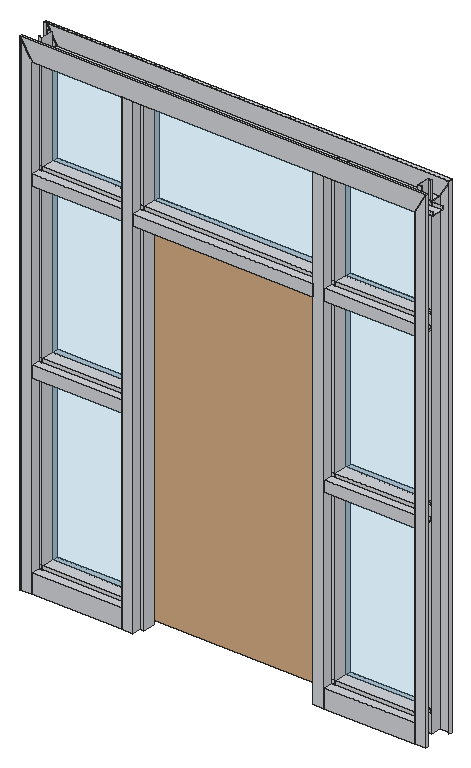
Revit family "Transom SideLight Ext-F-WDMF-36 x 84-4 Head", category Doors, host Wall, Revit 2014
Parameters (values of type "Ext-Transom F-WDMF-36" x 84"-18"LSLT-4" Head")
  Width = Door Panel Width  # 3' - 0"
  Wall Thickness [instance] = 0' - 5 3/4"
  URL = ""
  Type Comments = "EXT,"
  Thickness = 0' - 1 3/4"
  Swing Angle [instance] = 90.00°
  Sidelite Width = P1 Width - 0' 2"  # 1' - 4"
  SDI RO Spacing = 0' - 0"
  SDI Panel 1 Width = Leaf Width + 0' 0 3/16"  # 2' - 8"
  SDI No Panels = ""
  SDI Left Sidelite Width = Sidelite Width  # 1' - 4"
  SDI HW Set [instance] = ""
  SDI HW Item LO-2 [instance] = ""
  SDI HW Item LO-1 [instance] = ""
  SDI HW Item KP-2 [instance] = ""
  SDI HW Item KP-1 [instance] = ""
  SDI HW Item HI-2 [instance] = ""
  SDI HW Item HI-1 [instance] = ""
  SDI HW Item HC-2 [instance] = ""
  SDI HW Item HC-1 [instance] = ""
  SDI HW Item ED-2 [instance] = ""
  SDI HW Item ED-1 [instance] = ""
  SDI HW Item DO-2 [instance] = ""
  SDI HW Item DO-1 [instance] = ""
  SDI HW Item CL-2 [instance] = ""
  SDI HW Item CL-1 [instance] = ""
  SDI Glass Material = Glass
  SDI Frame Type = "Panel Left Sidelite"
  SDI Frame Sill Width = 0' - 6"
  SDI Frame Material Type = "Hollow Metal"
  SDI Frame Material = Paint - Generic - Prime
  SDI Frame Manufacturer = ""
  SDI Frame Jamb Width = 0' - 2"
  SDI Frame Head Width = 0' - 4"
  SDI Frame Finish Type = "Painted"
  SDI Frame Finish Color = "Prime"
  SDI Frame Depth [instance] = 0' - 5 3/4"
  SDI Family Version = "1.0"
  SDI Door Panel Type = "F"
  SDI Door Material Type = "Hollow Metal"
  SDI Door Material = Stain - SRO - Red Oak 100 Clear
  SDI Door Manufacturer = ""
  SDI Door Finish Type = "Painted"
  SDI Door Finish Color = "Prime"
  SDI Door Configuration = "SG"
  SDI Arch Frame Type [instance] = ""
  SDI Arch Frame Material Type [instance] = "HM"
  SDI Arch Door Panel Type [instance] = "F"
  SDI Arch Door Material Type [instance] = "HM"
  SDI Adjacent Wall Placement = 0' - 4"
  Rough Width = Frame Width - 0' 0" + 2 * SDI RO Spacing  # 4' - 6"
  Rough Height = Frame Height - 0' 0" + SDI RO Spacing  # 7' - 4"
  R1 Height = 7' - 2"
  P2 Width = 2' - 10"
  P1 Width = 1' - 6"
  Model = "Ext-Transom F-WDMF-36\" x 84\"-18\"LSLT-4\" Head"
  Manufacturer = ""
  Leaf Width = P2 Width - 0' 2 3/16"  # 2' - 7 13/16"
  Height = Door Panel Height  # 7' - 0"
  Glass Offset [instance] = 0' 2 1/16" + (SDI Frame Depth - 0' 5 3/4") / 2  # 0' - 2 1/16"
  Function = Exterior
  Frame Width = P1 Width + P2 Width + 0' 2"  # 4' - 6"
  Frame Offset [instance] = if(Aligned Exterior, SDI Frame Depth / 2, if(Aligned Center, Wall Thickness / 2, if(Aligned Interior, Wall Thickness - SDI Frame Depth + SDI Frame Depth / 2, Aligned Other)))  # 0' - 2 7/8"
  Frame Height = R1 Height + 0' 2"  # 7' - 4"
  Fire Rating = ""
  Exterior Glazing [instance] = no
  Door Panel Width = P2 Width + 0' 2"  # 3' - 0"
  Door Panel Height = R1 Height + 0' 2" - (0' 4")  # 7' - 0"
  Door Offset [instance] = 0' 2 13/16" + (SDI Frame Depth - 0' 5 3/4") / 2  # 0' - 2 13/16"
  Description = "Transom SideLight Hollow Wood Door with Hollow Metal Frame"
  Cost = 0
  Assembly Code = "B2030220"
  Analytic Construction = "<None>"
  Aligned Other [instance] = 0' - 0"
  Aligned Interior [instance] = no
  Aligned Exterior [instance] = yes
  Aligned Center [instance] = no
  ADA Clearance Lines = no
Reference planes (in)
  plane 1: y = 0
  plane 2 "Center (Left/Right)": x = 0
  plane 3 "Wall Edge": y = 2.875
  plane 4 "Wall Interior": y = -2.875
  plane 5 "ModelRefLevel": z = 0
  plane 6 "FrameDepthPlane": y = 0
  plane 7 "FrameFront": y = 2.875
  plane 8 "FrameBack": y = -2.875
  plane 9 "V0": x = 26
  plane 10 "V1": x = 8
  plane 11 "V2": x = -26
  plane 12 "H0": z = 1
  plane 13 "H1": z = 87
  plane 14 "InTermLeftJamb0": x = 25
  plane 15 "OutTermLeftJamb0": x = 27
  plane 16 "OutsideJamb1": x = 7
  plane 17 "InsideJamb1": x = 9
  plane 18 "InTermRightJamb2": x = -25
  plane 19 "OutTermRightJamb2": x = -27
  plane 20 "D0.151041666666667": y = 1.0625
  plane 21 "D0.109375": y = 1.5625
  plane 22 "DoorLeft": x = 7
  plane 23 "DoorRight": x = -25
  plane 24 "DoorCenter": x = -7
  plane 25 "DoorTop": z = 83.875
  plane 26 "DoorCenterTB": z = 41.9375
  plane 27 "DoorExtFace": y = 2.8125
  plane 28 "DoorGlassFace": y = 2.0625
  plane 29 "LockCenterLine": z = 41.3125
  plane 30 "ActDoorRight": x = -24.90625
  plane 31 "SwingClrPlane": y = 62.875
  plane 32 "SwingPartialPlane": y = 50.875
  plane 33 "LeftAdjWall": x = 31
  plane 34: z = 44
  plane 35: z = 65.875
  plane 36: z = 35.40625
  plane 37: z = 4.9375
  plane 38: x = -44
  plane 39: x = -45
  plane 40: x = -43
  plane 41: x = -49
  plane 42: z = 65.875
  plane 43: z = 35.40625
  plane 44: z = 4.9375
  plane 45: z = 65.875
  plane 46: z = 4.9375
  plane 47: z = 84.625
  plane 48: z = 2.625
  plane 49: z = 4
  plane 50: z = 84
Forms (in)
  Extrusion 1, solid
    sketch origin (145.6875, 0, 44) x (-1, 0, 0) y (0, -1, 0)
      loop
        line (118.6875, -2.375) -> (118.6875, -2.875) -> (120.6875, -2.875) -> (120.6875, -0.9375) -> (121.3125, -0.9375) -> (121.3125, 1.3125) -> (120.6875, 1.3125) -> (120.6875, 2.875) -> (118.6875, 2.875) -> (118.6875, 2.4375) -> (118.75, 2.4375) -> (118.75, 2.8125) -> (120.625, 2.8125) -> (120.625, 1.25) -> (121.25, 1.25) -> (121.25, -0.875) -> (120.625, -0.875) -> (120.625, -2.8125) -> (118.75, -2.8125) -> (118.75, -2.375) -> (118.6875, -2.375)
      loop
        line (190.68751, -2.375) -> (190.62501, -2.375) -> (190.62501, -2.8125) -> (188.75001, -2.8125) -> (188.75001, -0.875) -> (188.12501, -0.875) -> (188.12501, 1.25) -> (188.75001, 1.25) -> (188.75001, 2.8125) -> (190.62501, 2.8125) -> (190.62501, 2.4375) -> (190.68751, 2.4375) -> (190.68751, 2.875) -> (188.68751, 2.875) -> (188.68751, 1.3125) -> (188.06251, 1.3125) -> (188.06251, -0.9375) -> (188.68751, -0.9375) -> (188.68751, -2.875) -> (190.68751, -2.875) -> (190.68751, -2.375)
    from -44 to 44
  Extrusion 2, void
    sketch origin (1.625, 2.875, 3.25) x (1, 0, 0) y (0, 0, 1)
      loop
        line (27.32453, 88) -> (23.375, 88) -> (23.375, 81.375) -> (27.32453, 88)
      loop
        line (-48.55092, 88) -> (-44.625, 81.37501) -> (-44.625, 88) -> (-48.55092, 88)
    from -12 to 12
  Extrusion 3, solid
    sketch origin (132, 0, 42) x (-1, 0, 0) y (0, -1, 0)
      loop
        line (123, -2.875) -> (125, -2.875) -> (125, -0.9375) -> (125.625, -0.9375) -> (125.625, 1.3125) -> (125, 1.3125) -> (125, 2.875) -> (123, 2.875) -> (123, 1.3125) -> (122.375, 1.3125) -> (122.375, -0.9375) -> (123, -0.9375) -> (123, -2.875)
      loop
        line (123.0625, -2.8125) -> (124.9375, -2.8125) -> (124.9375, -0.875) -> (125.5625, -0.875) -> (125.5625, 1.25) -> (124.9375, 1.25) -> (124.9375, 2.8125) -> (123.0625, 2.8125) -> (123.0625, 1.25) -> (122.4375, 1.25) -> (122.4375, -0.875) -> (123.0625, -0.875) -> (123.0625, -2.8125)
    from -42 to 42.625
  Extrusion 4, solid
    sketch origin (94.3125, 0, 44) x (-1, 0, 0) y (0, -1, 0)
      loop
        line (121.24999, -2.8125) -> (121.24999, -0.875) -> (121.87499, -0.875) -> (121.87499, 1.25) -> (121.24999, 1.25) -> (121.24999, 2.8125) -> (119.375, 2.8125) -> (119.375, 1.25) -> (118.75, 1.25) -> (118.75, -0.875) -> (119.375, -0.875) -> (119.375, -2.8125) -> (121.24999, -2.8125)
      loop
        line (121.31249, 2.875) -> (119.3125, 2.875) -> (119.3125, 1.3125) -> (118.6875, 1.3125) -> (118.6875, -0.9375) -> (119.3125, -0.9375) -> (119.3125, -2.875) -> (121.31249, -2.875) -> (121.31249, -0.9375) -> (121.93749, -0.9375) -> (121.93749, 1.3125) -> (121.31249, 1.3125) -> (121.31249, 2.875)
    from -44 to 40.62501
  Extrusion 5, void
    sketch origin (1.3125, 2.875, 2.625) x (1, 0, 0) y (0, 0, 1)
      loop
        line (27, 87.55643) -> (23.6875, 82) -> (27, 82) -> (27, 87.55643)
      loop
        line (-47.625, 87.58985) -> (-47.625, 82) -> (-44.3125, 82) -> (-47.625, 87.58985)
    from -12 to 12
  Extrusion 6, solid, material "Glass" <- "SDI Glass Material"
    sketch origin (-60, 1.0625, -12) x (1, 0, 0) y (0, 0, 1)
      loop
        line (85, 15.375) -> (85, 46.40625) -> (69, 46.40625) -> (69, 15.375) -> (85, 15.375)
      loop
        line (69, 96.625) -> (69, 78.875) -> (85, 78.875) -> (85, 96.625) -> (69, 96.625)
      loop
        line (85, 76.875) -> (69, 76.875) -> (69, 48.40625) -> (85, 48.40625) -> (85, 76.875)
    from -0.125 to 0.125
  Extrusion 7, solid, material "Glass" <- "SDI Glass Material", visible <- "Exterior Glazing"
    sketch origin (-60, 1.5625, -12) x (1, 0, 0) y (0, 0, 1)
      loop
        line (85, 15.375) -> (85, 45.84375) -> (69, 45.84375) -> (69, 15.375) -> (85, 15.375)
      loop
        line (69, 96.625) -> (69, 78.875) -> (85, 78.875) -> (85, 96.625) -> (69, 96.625)
      loop
        line (85, 76.9375) -> (69, 76.9375) -> (69, 48.40625) -> (85, 48.40625) -> (85, 76.9375)
    from -0.125 to 0.125
  Extrusion 8, solid, material "Stain - SRO - Red Oak 100 Clear" <- "SDI Door Material"
    sketch origin (-60, 2.8125, -12) x (1, 0, 0) y (0, 0, 1)
      loop
        line (35.09375, 12.625) -> (66.90625, 12.625) -> (66.90625, 76.875) -> (35.09375, 76.875) -> (35.09375, 12.625)
    from 0 to 1.75
  Sweep 9, solid
    path origin (0, 2.875, 0) x (1, 0, 0) y (0, 0, 1)
      loop
        line (25, 44) -> (9, 44)
    profile origin (17, 2.875, 44) x (0, 0, -1) y (0, -1, 0)
      loop
        line (-20.3125, 4.125) -> (-20.9375, 4.125) -> (-20.9375, 5.6875) -> (-22.8125, 5.6875) -> (-22.8125, 4.125) -> (-23.4375, 4.125) -> (-23.4375, 2) -> (-22.8125, 2) -> (-22.8125, 0.0625) -> (-20.9375, 0.0625) -> (-20.9375, 2) -> (-20.3125, 2) -> (-20.3125, 4.125)
      loop
        line (-22.875, 0) -> (-20.875, 0) -> (-20.875, 1.9375) -> (-20.25, 1.9375) -> (-20.25, 4.1875) -> (-20.875, 4.1875) -> (-20.875, 5.75) -> (-22.875, 5.75) -> (-22.875, 4.1875) -> (-23.5, 4.1875) -> (-23.5, 1.9375) -> (-22.875, 1.9375) -> (-22.875, 0)
      loop
        line (10.15625, 4.125) -> (9.53125, 4.125) -> (9.53125, 5.6875) -> (7.65625, 5.6875) -> (7.65625, 4.125) -> (7.03125, 4.125) -> (7.03125, 2) -> (7.65625, 2) -> (7.65625, 0.0625) -> (9.53125, 0.0625) -> (9.53125, 2) -> (10.15625, 2) -> (10.15625, 4.125)
      loop
        line (7.59375, 0) -> (9.59375, 0) -> (9.59375, 1.9375) -> (10.21875, 1.9375) -> (10.21875, 4.1875) -> (9.59375, 4.1875) -> (9.59375, 5.75) -> (7.59375, 5.75) -> (7.59375, 4.1875) -> (6.96875, 4.1875) -> (6.96875, 1.9375) -> (7.59375, 1.9375) -> (7.59375, 0)
  Extrusion 10, solid
    sketch origin (-33.25, 0, 3.3125) x (0, 1, 0) y (0, 0, 1)
      loop
        line (2.375, -3.3125) -> (2.875, -3.3125) -> (2.875, 0.0625) -> (0.9375, 0.0625) -> (0.9375, 0.6875) -> (-1.3125, 0.6875) -> (-1.3125, 0.0625) -> (-2.875, 0.0625) -> (-2.875, -3.3125) -> (-2.4375, -3.3125) -> (-2.4375, -3.25) -> (-2.8125, -3.25) -> (-2.8125, 0) -> (-1.25, 0) -> (-1.25, 0.625) -> (0.875, 0.625) -> (0.875, 0) -> (2.8125, 0) -> (2.8125, -3.25) -> (2.375, -3.25) -> (2.375, -3.3125)
    from -9.75 to 6.25
  Sweep 11, solid
    path origin (-14, 2.875, 0) x (-1, 0, 0) y (0, 0, 1)
      loop
        line (29, 44) -> (13, 44)
    profile origin (-35, 2.875, 44) x (0, 0, 1) y (0, -1, 0)
      loop
        line (20.3125, 4.125) -> (20.3125, 2) -> (20.9375, 2) -> (20.9375, 0.0625) -> (22.8125, 0.0625) -> (22.8125, 2) -> (23.4375, 2) -> (23.4375, 4.125) -> (22.8125, 4.125) -> (22.8125, 5.6875) -> (20.9375, 5.6875) -> (20.9375, 4.125) -> (20.3125, 4.125)
      loop
        line (22.875, 0) -> (22.875, 1.9375) -> (23.5, 1.9375) -> (23.5, 4.1875) -> (22.875, 4.1875) -> (22.875, 5.75) -> (20.875, 5.75) -> (20.875, 4.1875) -> (20.25, 4.1875) -> (20.25, 1.9375) -> (20.875, 1.9375) -> (20.875, 0) -> (22.875, 0)
      loop
        line (-10.15625, 4.125) -> (-10.15625, 2) -> (-9.53125, 2) -> (-9.53125, 0.0625) -> (-7.65625, 0.0625) -> (-7.65625, 2) -> (-7.03125, 2) -> (-7.03125, 4.125) -> (-7.65625, 4.125) -> (-7.65625, 5.6875) -> (-9.53125, 5.6875) -> (-9.53125, 4.125) -> (-10.15625, 4.125)
      loop
        line (-7.59375, 0) -> (-7.59375, 1.9375) -> (-6.96875, 1.9375) -> (-6.96875, 4.1875) -> (-7.59375, 4.1875) -> (-7.59375, 5.75) -> (-9.59375, 5.75) -> (-9.59375, 4.1875) -> (-10.21875, 4.1875) -> (-10.21875, 1.9375) -> (-9.59375, 1.9375) -> (-9.59375, 0) -> (-7.59375, 0)
  Extrusion 12, solid, material "Glass" <- "SDI Glass Material"
    sketch origin (46, 1.0625, -12) x (-1, 0, 0) y (0, 0, -1)
      loop
        line (89, -15.375) -> (73, -15.375) -> (73, -46.46875) -> (89, -46.46875) -> (89, -15.375)
      loop
        line (73, -96.625) -> (89, -96.625) -> (89, -78.875) -> (73, -78.875) -> (73, -96.625)
      loop
        line (89, -76.875) -> (89, -48.40625) -> (73, -48.40625) -> (73, -76.875) -> (89, -76.875)
    from -0.125 to 0.125
  Extrusion 13, solid, material "Glass" <- "SDI Glass Material", visible <- "Exterior Glazing"
    sketch origin (46, 1.5625, -12) x (-1, 0, 0) y (0, 0, -1)
      loop
        line (89, -15.375) -> (73, -15.375) -> (73, -46.40625) -> (89, -46.40625) -> (89, -15.375)
      loop
        line (73, -96.625) -> (89, -96.625) -> (89, -78.875) -> (73, -78.875) -> (73, -96.625)
      loop
        line (89, -76.9375) -> (89, -48.40625) -> (73, -48.40625) -> (73, -76.9375) -> (89, -76.9375)
    from -0.125 to 0.125
  Sweep 14, solid
    path origin (-28, 2.875, 0) x (1, 0, 0) y (0, 0, 1)
      loop
        line (35, 44) -> (3.09375, 44)
    profile origin (-8.95313, 2.875, 44) x (0, 0, -1) y (0, -1, 0)
      loop
        line (-20.3125, 4.125) -> (-20.9375, 4.125) -> (-20.9375, 5.6875) -> (-22.8125, 5.6875) -> (-22.8125, 4.125) -> (-23.4375, 4.125) -> (-23.4375, 2) -> (-22.8125, 2) -> (-22.8125, 0.0625) -> (-20.9375, 0.0625) -> (-20.9375, 2) -> (-20.3125, 2) -> (-20.3125, 4.125)
      loop
        line (-22.875, 0) -> (-20.875, 0) -> (-20.875, 1.9375) -> (-20.25, 1.9375) -> (-20.25, 4.1875) -> (-20.875, 4.1875) -> (-20.875, 5.75) -> (-22.875, 5.75) -> (-22.875, 4.1875) -> (-23.5, 4.1875) -> (-23.5, 1.9375) -> (-22.875, 1.9375) -> (-22.875, 0)
  Extrusion 15, solid, material "Glass" <- "SDI Glass Material"
    sketch origin (-86, 1.0625, -12) x (1, 0, 0) y (0, 0, 1)
      loop
        line (61.09375, 96.625) -> (61.09375, 78.875) -> (93, 78.875) -> (93, 96.625) -> (61.09375, 96.625)
    from -0.125 to 0.125
  Extrusion 16, solid, material "Glass" <- "SDI Glass Material", visible <- "Exterior Glazing"
    sketch origin (-86, 1.5625, -12) x (1, 0, 0) y (0, 0, 1)
      loop
        line (61.09375, 96.625) -> (61.09375, 78.875) -> (93, 78.875) -> (93, 96.625) -> (61.09375, 96.625)
    from -0.125 to 0.125
  Extrusion 17, solid
    sketch origin (-33.5, 0, 85.6875) x (0, 1, 0) y (0, 0, -1)
      loop
        line (2.375, -2.25) -> (2.375, -2.3125) -> (2.875, -2.3125) -> (2.875, 1.0625) -> (0.9375, 1.0625) -> (0.9375, 1.6875) -> (-1.3125, 1.6875) -> (-1.3125, 1.0625) -> (-2.875, 1.0625) -> (-2.875, -2.3125) -> (-2.4375, -2.3125) -> (-2.4375, -2.25) -> (-2.8125, -2.25) -> (-2.8125, 1) -> (-1.25, 1) -> (-1.25, 1.625) -> (0.875, 1.625) -> (0.875, 1) -> (2.8125, 1) -> (2.8125, -2.25) -> (2.375, -2.25)
    from -60.5 to 11.5
  Extrusion 18, solid
    sketch origin (19, 0, 3.3125) x (0, 1, 0) y (0, 0, 1)
      loop
        line (2.375, -3.3125) -> (2.875, -3.3125) -> (2.875, 0.0625) -> (0.9375, 0.0625) -> (0.9375, 0.6875) -> (-1.3125, 0.6875) -> (-1.3125, 0.0625) -> (-2.875, 0.0625) -> (-2.875, -3.3125) -> (-2.4375, -3.3125) -> (-2.4375, -3.25) -> (-2.8125, -3.25) -> (-2.8125, 0) -> (-1.25, 0) -> (-1.25, 0.625) -> (0.875, 0.625) -> (0.875, 0) -> (2.8125, 0) -> (2.8125, -3.25) -> (2.375, -3.25) -> (2.375, -3.3125)
    from -10 to 6
Cuts and joins
  Extrusion 2 cuts Extrusion 1
  Extrusion 5 cuts Extrusion 17
Lines and regions (in)
  Opening 1
    outline origin (-60, -2.875, 0) x (1, 0, 0) y (0, 0, 1)
      loop
        line (86.9375, 87.875) -> (15, 87.875) -> (15, 0) -> (86.9375, 0) -> (86.9375, 87.875)
  symbolic lines, style "DoorsFrameMullionProjection", detail levels fine
    curve 1: line (27, 2.375, 0) -> (27, 2.875, 0)
    curve 2: line (27, 2.875, 0) -> (25, 2.875, 0)
    curve 3: line (25, 2.875, 0) -> (25, 0.9375, 0)
    curve 4: line (25, 0.9375, 0) -> (24.375, 0.9375, 0)
    curve 5: line (24.375, 0.9375, 0) -> (24.375, -1.3125, 0)
    curve 6: line (24.375, -1.3125, 0) -> (25, -1.3125, 0)
    curve 7: line (25, -1.3125, 0) -> (25, -2.875, 0)
    curve 8: line (25, -2.875, 0) -> (27, -2.875, 0)
    curve 9: line (27, -2.875, 0) -> (27, -2.4375, 0)
    curve 10: line (27, -2.4375, 0) -> (26.9375, -2.4375, 0)
    curve 11: line (26.9375, -2.4375, 0) -> (26.9375, -2.8125, 0)
    curve 12: line (26.9375, -2.8125, 0) -> (25.0625, -2.8125, 0)
    curve 13: line (25.0625, -2.8125, 0) -> (25.0625, -1.25, 0)
    curve 14: line (25.0625, -1.25, 0) -> (24.4375, -1.25, 0)
    curve 15: line (24.4375, -1.25, 0) -> (24.4375, 0.875, 0)
    curve 16: line (24.4375, 0.875, 0) -> (25.0625, 0.875, 0)
    curve 17: line (25.0625, 0.875, 0) -> (25.0625, 2.8125, 0)
    curve 18: line (25.0625, 2.8125, 0) -> (26.9375, 2.8125, 0)
    curve 19: line (26.9375, 2.8125, 0) -> (26.9375, 2.375, 0)
    curve 20: line (26.9375, 2.375, 0) -> (27, 2.375, 0)
    curve 25: line (9, 2.875, 0) -> (7, 2.875, 0)
    curve 26: line (7, 2.875, 0) -> (7, 0.9375, 0)
    curve 27: line (7, 0.9375, 0) -> (6.375, 0.9375, 0)
    curve 28: line (6.375, 0.9375, 0) -> (6.375, -1.3125, 0)
    curve 29: line (6.375, -1.3125, 0) -> (7, -1.3125, 0)
    curve 30: line (7, -1.3125, 0) -> (7, -2.875, 0)
    curve 31: line (7, -2.875, 0) -> (9, -2.875, 0)
    curve 32: line (9, -2.875, 0) -> (9, -1.3125, 0)
    curve 33: line (9, -1.3125, 0) -> (9.625, -1.3125, 0)
    curve 34: line (9.625, -1.3125, 0) -> (9.625, 0.9375, 0)
    curve 35: line (9.625, 0.9375, 0) -> (9, 0.9375, 0)
    curve 36: line (9, 0.9375, 0) -> (9, 2.875, 0)
    curve 37: line (8.9375, 2.8125, 0) -> (7.0625, 2.8125, 0)
    curve 38: line (7.0625, 2.8125, 0) -> (7.0625, 0.875, 0)
    curve 39: line (7.0625, 0.875, 0) -> (6.4375, 0.875, 0)
    curve 40: line (6.4375, 0.875, 0) -> (6.4375, -1.25, 0)
    curve 41: line (6.4375, -1.25, 0) -> (7.0625, -1.25, 0)
    curve 42: line (7.0625, -1.25, 0) -> (7.0625, -2.8125, 0)
    curve 43: line (7.0625, -2.8125, 0) -> (8.9375, -2.8125, 0)
    curve 44: line (8.9375, -2.8125, 0) -> (8.9375, -1.25, 0)
    curve 45: line (8.9375, -1.25, 0) -> (9.5625, -1.25, 0)
    curve 46: line (9.5625, -1.25, 0) -> (9.5625, 0.875, 0)
    curve 47: line (9.5625, 0.875, 0) -> (8.9375, 0.875, 0)
    curve 48: line (8.9375, 0.875, 0) -> (8.9375, 2.8125, 0)
    curve 53: line (-26.9375, 2.375, 0) -> (-26.9375, 2.8125, 0)
    curve 54: line (-26.9375, 2.8125, 0) -> (-25.0625, 2.8125, 0)
    curve 55: line (-25.0625, 2.8125, 0) -> (-25.0625, 0.875, 0)
    curve 56: line (-25.0625, 0.875, 0) -> (-24.4375, 0.875, 0)
    curve 57: line (-24.4375, 0.875, 0) -> (-24.4375, -1.25, 0)
    curve 58: line (-24.4375, -1.25, 0) -> (-25.0625, -1.25, 0)
    curve 59: line (-25.0625, -1.25, 0) -> (-25.0625, -2.8125, 0)
    curve 60: line (-25.0625, -2.8125, 0) -> (-26.9375, -2.8125, 0)
    curve 61: line (-26.9375, -2.8125, 0) -> (-26.9375, -2.4375, 0)
    curve 62: line (-26.9375, -2.4375, 0) -> (-27, -2.4375, 0)
    curve 63: line (-27, -2.4375, 0) -> (-27, -2.875, 0)
    curve 64: line (-27, -2.875, 0) -> (-25, -2.875, 0)
    curve 65: line (-25, -2.875, 0) -> (-25, -1.3125, 0)
    curve 66: line (-25, -1.3125, 0) -> (-24.375, -1.3125, 0)
    curve 67: line (-24.375, -1.3125, 0) -> (-24.375, 0.9375, 0)
    curve 68: line (-24.375, 0.9375, 0) -> (-25, 0.9375, 0)
    curve 69: line (-25, 0.9375, 0) -> (-25, 2.875, 0)
    curve 70: line (-25, 2.875, 0) -> (-27, 2.875, 0)
    curve 71: line (-27, 2.875, 0) -> (-27, 2.375, 0)
    curve 72: line (-27, 2.375, 0) -> (-26.9375, 2.375, 0)
  symbolic lines, style "DoorsFrameMullionProjection", detail levels coarse+medium
    curve 21: line (25, -2.875, 0) -> (27, -2.875, 0)
    curve 22: line (25, 2.875, 0) -> (27, 2.875, 0)
    curve 23: line (25, -2.875, 0) -> (25, 2.875, 0)
    curve 24: line (27, -2.875, 0) -> (27, 2.875, 0)
    curve 49: line (7, -2.875, 0) -> (9, -2.875, 0)
    curve 50: line (7, 2.875, 0) -> (9, 2.875, 0)
    curve 51: line (7, -2.875, 0) -> (7, 2.875, 0)
    curve 52: line (9, -2.875, 0) -> (9, 2.875, 0)
    curve 73: line (-27, -2.875, 0) -> (-25, -2.875, 0)
    curve 74: line (-27, 2.875, 0) -> (-25, 2.875, 0)
    curve 75: line (-27, -2.875, 0) -> (-27, 2.875, 0)
    curve 76: line (-25, -2.875, 0) -> (-25, 2.875, 0)
  symbolic lines, style "Elevation Swing"
    curve 77: line (6.90625, 2.875, 83.875) -> (-24.90625, 2.875, 41.9375)
    curve 78: line (6.90625, 2.875, 0) -> (-24.90625, 2.875, 41.9375)
  symbolic lines, style "ADA Clearance", visible <- "ADA Clearance Lines"
    curve 79: line (-27, 2.875, 0) -> (-27, 62.875, 0)
    curve 80: line (29, 62.875, 0) -> (-27, 62.875, 0)
    curve 81: line (29, 50.875, 0) -> (-27, 50.875, 0)
    curve 82: line (29, 2.875, 0) -> (29, 62.875, 0)
    curve 83: line (-27, -2.875, 0) -> (-27, -50.875, 0)
    curve 84: line (23, -50.875, 0) -> (-27, -50.875, 0)
    curve 85: line (23, -2.875, 0) -> (23, -50.875, 0)
Text (in)
  text "Placement Side" at (0, 40.15149, 123.01588), in view "Right"
  text "Placement Side" at (-70.3804, 28.46503, 0), in view "Ref. Level"
  text "Placement Side" at (0, 81.62555, 140.59947), in view "Left"
Dimensions and locks (in)
  locked: plane 3 "Wall Edge" to host wall
  equal spacing: plane 3 "Wall Edge", plane 1, plane 4 "Wall Interior"
  "Wall Thickness": host wall to host wall
  "Frame Offset": plane 3 "Wall Edge" to plane 6 "FrameDepthPlane"
  equal spacing: plane 7 "FrameFront", plane 6 "FrameDepthPlane", plane 8 "FrameBack"
  "SDI Frame Depth": plane 7 "FrameFront" to plane 8 "FrameBack"
  equal spacing: plane 9 "V0", plane 2 "Center (Left/Right)", plane 11 "V2"
  "P1 Width": plane 9 "V0" to plane 10 "V1"
  "P2 Width": plane 10 "V1" to plane 11 "V2"
  "R1 Height": plane 12 "H0" to plane 13 "H1"
  locked: plane 13 "H1" to Extrusion 1 at 1
  locked: plane 12 "H0" to Extrusion 1 at 1
  locked: plane 9 "V0" to Extrusion 1 at 1  (x4)
  locked: plane 9 "V0" to Extrusion 1 at 0.9375  (x5)
  locked: plane 9 "V0" to Extrusion 1 at 1.5625
  locked: plane 9 "V0" to Extrusion 1 at 1.625
  locked: plane 9 "V0" to curve 1 at 1
  locked: plane 9 "V0" to curve 2 at 1
  locked: plane 9 "V0" to curve 3 at 1
  locked: plane 9 "V0" to curve 4 at 1
  locked: plane 9 "V0" to curve 5 at 1.625
  locked: plane 9 "V0" to curve 6 at 1.625
  locked: plane 9 "V0" to curve 7 at 1
  locked: plane 9 "V0" to curve 8 at 1
  locked: plane 9 "V0" to curve 9 at 1
  locked: plane 9 "V0" to curve 10 at 1
  locked: plane 9 "V0" to curve 11 at 0.9375
  locked: plane 9 "V0" to curve 12 at 0.9375
  locked: plane 9 "V0" to curve 13 at 0.9375
  locked: plane 9 "V0" to curve 14 at 0.9375
  locked: plane 9 "V0" to curve 15 at 1.5625
  locked: plane 9 "V0" to curve 16 at 1.5625
  locked: plane 9 "V0" to curve 17 at 0.9375
  locked: plane 9 "V0" to curve 18 at 0.9375
  locked: plane 9 "V0" to curve 19 at 0.9375
  locked: plane 9 "V0" to curve 20 at 0.9375
  locked: plane 9 "V0" to plane 15 "OutTermLeftJamb0" at 1
  locked: plane 9 "V0" to plane 14 "InTermLeftJamb0" at 1
  locked: plane 9 "V0" to curve 21 at 1
  locked: plane 9 "V0" to curve 22 at 1
  locked: plane 9 "V0" to curve 23 at 1
  locked: plane 9 "V0" to curve 24 at 1
  plane 13 "H1" to Extrusion 3 = 0' - 2 3/8"
  locked: plane 12 "H0" to Extrusion 3 at 1
  locked: plane 10 "V1" to Extrusion 3 at 1  (x5)
  locked: plane 10 "V1" to Extrusion 3 at 1.625  (x2)
  locked: plane 10 "V1" to Extrusion 3 at 0.9375  (x4)
  locked: plane 10 "V1" to Extrusion 3 at 1.5625  (x2)
  locked: plane 10 "V1" to curve 25 at 1
  locked: plane 10 "V1" to curve 26 at 1
  locked: plane 10 "V1" to curve 27 at 1
  locked: plane 10 "V1" to curve 28 at 1.625
  locked: plane 10 "V1" to curve 29 at 1.625
  locked: plane 10 "V1" to curve 30 at 1
  locked: plane 10 "V1" to curve 31 at 1
  locked: plane 10 "V1" to curve 32 at 1
  locked: plane 10 "V1" to curve 33 at 1
  locked: plane 10 "V1" to curve 34 at 1.625
  locked: plane 10 "V1" to curve 35 at 1.625
  locked: plane 10 "V1" to curve 36 at 1
  locked: plane 10 "V1" to curve 37 at 0.9375
  locked: plane 10 "V1" to curve 38 at 0.9375
  locked: plane 10 "V1" to curve 39 at 0.9375
  locked: plane 10 "V1" to curve 40 at 1.5625
  locked: plane 10 "V1" to curve 41 at 1.5625
  locked: plane 10 "V1" to curve 42 at 0.9375
  locked: plane 10 "V1" to curve 43 at 0.9375
  locked: plane 10 "V1" to curve 44 at 0.9375
  locked: plane 10 "V1" to curve 45 at 0.9375
  locked: plane 10 "V1" to curve 46 at 1.5625
  locked: plane 10 "V1" to curve 47 at 1.5625
  locked: plane 10 "V1" to curve 48 at 0.9375
  locked: plane 10 "V1" to plane 16 "OutsideJamb1" at 1
  locked: plane 10 "V1" to plane 17 "InsideJamb1" at 1
  locked: plane 10 "V1" to curve 49 at 1
  locked: plane 10 "V1" to curve 50 at 1
  locked: plane 10 "V1" to curve 51 at 1
  locked: plane 10 "V1" to curve 52 at 1
  Extrusion 4 to plane 13 "H1" = 0' - 2 3/8"
  locked: plane 12 "H0" to Extrusion 4 at 1
  locked: plane 11 "V2" to Extrusion 4 at 1  (x2)
  locked: plane 11 "V2" to Extrusion 4 at 1.625
  locked: plane 11 "V2" to Extrusion 4 at 0.9375  (x2)
  locked: plane 11 "V2" to Extrusion 4 at 1.5625
  locked: plane 11 "V2" to curve 53 at 0.9375
  locked: plane 11 "V2" to curve 54 at 0.9375
  locked: plane 11 "V2" to curve 55 at 0.9375
  locked: plane 11 "V2" to curve 56 at 0.9375
  locked: plane 11 "V2" to curve 57 at 1.5625
  locked: plane 11 "V2" to curve 58 at 1.5625
  locked: plane 11 "V2" to curve 59 at 0.9375
  locked: plane 11 "V2" to curve 60 at 0.9375
  locked: plane 11 "V2" to curve 61 at 0.9375
  locked: plane 11 "V2" to curve 62 at 0.9375
  locked: plane 11 "V2" to curve 63 at 1
  locked: plane 11 "V2" to curve 64 at 1
  locked: plane 11 "V2" to curve 65 at 1
  locked: plane 11 "V2" to curve 66 at 1
  locked: plane 11 "V2" to curve 67 at 1.625
  locked: plane 11 "V2" to curve 68 at 1.625
  locked: plane 11 "V2" to curve 69 at 1
  locked: plane 11 "V2" to curve 70 at 1
  locked: plane 11 "V2" to curve 71 at 1
  locked: plane 11 "V2" to curve 72 at 1
  locked: plane 11 "V2" to plane 18 "InTermRightJamb2" at 1
  locked: plane 11 "V2" to plane 19 "OutTermRightJamb2" at 1
  locked: plane 11 "V2" to curve 73 at 1
  locked: plane 11 "V2" to curve 74 at 1
  locked: plane 11 "V2" to curve 75 at 1
  locked: plane 11 "V2" to curve 76 at 1
  locked: plane 7 "FrameFront" to cut or joined group of Extrusion 1, Extrusion 2 at 1.9375
  locked: plane 7 "FrameFront" to cut or joined group of Extrusion 1, Extrusion 2 at 2
  locked: plane 7 "FrameFront" to cut or joined group of Extrusion 1, Extrusion 2 at 0.0625
  locked: plane 7 "FrameFront" to cut or joined group of Extrusion 1, Extrusion 2 at 0.5
  locked: plane 8 "FrameBack" to cut or joined group of Extrusion 1, Extrusion 2 at 1.5625
  locked: plane 8 "FrameBack" to cut or joined group of Extrusion 1, Extrusion 2 at 0.4375
  locked: plane 8 "FrameBack" to cut or joined group of Extrusion 1, Extrusion 2 at 0.0625
  locked: plane 8 "FrameBack" to cut or joined group of Extrusion 1, Extrusion 2 at 1.625
  locked: plane 7 "FrameFront" to Extrusion 3 at 1.9375  (x2)
  locked: plane 7 "FrameFront" to Extrusion 3 at 0.0625
  locked: plane 7 "FrameFront" to Extrusion 3 at 2  (x2)
  locked: plane 8 "FrameBack" to Extrusion 3 at 1.5625  (x2)
  locked: plane 8 "FrameBack" to Extrusion 3 at 1.625  (x2)
  locked: plane 8 "FrameBack" to Extrusion 3 at 0.0625
  locked: plane 7 "FrameFront" to curve 4 at 1.9375
  locked: plane 7 "FrameFront" to curve 16 at 2
  locked: plane 7 "FrameFront" to curve 18 at 0.0625
  locked: plane 7 "FrameFront" to curve 20 at 0.5
  locked: plane 7 "FrameFront" to curve 27 at 1.9375
  locked: plane 7 "FrameFront" to curve 35 at 1.9375
  locked: plane 7 "FrameFront" to curve 37 at 0.0625
  locked: plane 7 "FrameFront" to curve 39 at 2
  locked: plane 7 "FrameFront" to curve 47 at 2
  locked: plane 7 "FrameFront" to curve 54 at 0.0625
  locked: plane 7 "FrameFront" to curve 56 at 2
  locked: plane 7 "FrameFront" to curve 68 at 1.9375
  locked: plane 7 "FrameFront" to curve 72 at 0.5
  locked: plane 8 "FrameBack" to curve 6 at 1.5625
  locked: plane 8 "FrameBack" to curve 10 at 0.4375
  locked: plane 8 "FrameBack" to curve 12 at 0.0625
  locked: plane 8 "FrameBack" to curve 14 at 1.625
  locked: plane 8 "FrameBack" to curve 29 at 1.5625
  locked: plane 8 "FrameBack" to curve 33 at 1.5625
  locked: plane 8 "FrameBack" to curve 41 at 1.625
  locked: plane 8 "FrameBack" to curve 43 at 0.0625
  locked: plane 8 "FrameBack" to curve 45 at 1.625
  locked: plane 8 "FrameBack" to curve 58 at 1.625
  locked: plane 8 "FrameBack" to curve 60 at 0.0625
  locked: plane 8 "FrameBack" to curve 62 at 0.4375
  locked: plane 8 "FrameBack" to curve 66 at 1.5625
  locked: plane 7 "FrameFront" to Extrusion 6 at 1.9375
  locked: plane 7 "FrameFront" to Extrusion 6 at 1.6875
  locked: plane 7 "FrameFront" to Extrusion 7 at 1.4375
  locked: plane 7 "FrameFront" to Extrusion 7 at 1.1875
  locked: plane 10 "V1" to plane 22 "DoorLeft" at 1
  locked: plane 11 "V2" to plane 23 "DoorRight" at 1
  locked: plane 13 "H1" to plane 25 "DoorTop" at 3.125
  equal spacing: plane 25 "DoorTop", plane 26 "DoorCenterTB", plane 5 "ModelRefLevel"
  "Door Offset": plane 6 "FrameDepthPlane" to plane 27 "DoorExtFace"
  "Glass Offset": plane 6 "FrameDepthPlane" to plane 28 "DoorGlassFace"
  locked: plane 29 "LockCenterLine" to plane 5 "ModelRefLevel" at 41.3125
  locked: Extrusion 8 to Extrusion 8 at 1.75
  locked: plane 22 "DoorLeft" to Extrusion 8 at 0.09375
  locked: plane 23 "DoorRight" to Extrusion 8 at 0.09375
  locked: plane 5 "ModelRefLevel" to Extrusion 8 at 0.625
  locked: plane 23 "DoorRight" to plane 30 "ActDoorRight" at 0.09375
  locked: plane 3 "Wall Edge" to plane 31 "SwingClrPlane" at 60
  locked: plane 3 "Wall Edge" to plane 32 "SwingPartialPlane" at 48
  "SDI Adjacent Wall Placement": plane 15 "OutTermLeftJamb0" to plane 33 "LeftAdjWall"
  equal spacing: plane 12 "H0", plane 34, plane 13 "H1"
  locked: plane 5 "ModelRefLevel" to plane 37 at 4.9375
  "P1 Width": plane 11 "V2" to plane 38
  "Rough Width": plane 17 "InsideJamb1" to plane 39
  locked: plane 38 to plane 40 at 1
  "SDI Adjacent Wall Placement": plane 41 to plane 39
  locked: plane 5 "ModelRefLevel" to plane 44 at 4.9375
  locked: plane 35 to plane 25 "DoorTop" at 18
  equal spacing: plane 35, plane 36, plane 37
  locked: plane 42 to plane 25 "DoorTop" at 18
  equal spacing: plane 42, plane 43, plane 44
  locked: plane 45 to plane 25 "DoorTop" at 18
  Extrusion 17 sketch curve to Extrusion 17 sketch curve to Extrusion 17 sketch curve to plane 13 "H1" to Extrusion 17 sketch curve to Extrusion 17 sketch curve = 0' - 0 1/16" locked, 0' - 0 5/8" locked, 0' - 2 5/16" locked, 0' - 0 15/16" locked, 0' - 0 1/16" locked
  locked: plane 47 to plane 13 "H1" at 2.375
  plane 5 "ModelRefLevel" to plane 48 = 0' - 2 5/8"
  plane 5 "ModelRefLevel" to plane 49 = 0' - 4"
  aligned and locked: plane 4 "Wall Interior" to host wall
  aligned and locked: cut or joined group of Extrusion 1, Extrusion 2 to plane 7 "FrameFront"
  aligned and locked: plane 8 "FrameBack" to cut or joined group of Extrusion 1, Extrusion 2
  aligned and locked: Extrusion 3 to plane 7 "FrameFront"
  aligned and locked: plane 8 "FrameBack" to Extrusion 3
  aligned and locked: curve 2 to plane 7 "FrameFront"
  aligned and locked: plane 7 "FrameFront" to curve 22
  aligned and locked: curve 25 to plane 7 "FrameFront"
  aligned and locked: plane 7 "FrameFront" to curve 50
  aligned and locked: curve 70 to plane 7 "FrameFront"
  aligned and locked: plane 7 "FrameFront" to curve 74
  aligned and locked: plane 8 "FrameBack" to curve 8
  aligned and locked: plane 8 "FrameBack" to curve 31
  aligned and locked: plane 8 "FrameBack" to curve 64
  aligned and locked: Extrusion 8 to plane 27 "DoorExtFace"
  aligned and locked: plane 7 "FrameFront" to nested 1
  aligned and locked: plane 30 "ActDoorRight" to nested 1
  aligned and locked: curve 80 to plane 31 "SwingClrPlane"
  aligned and locked: curve 81 to plane 32 "SwingPartialPlane"
  aligned and locked: Sweep 9 sketch curve to plane 34
  aligned and locked: Sweep 9 to Extrusion 7 sketch curve  (x4)
  aligned and locked: Extrusion 6 sketch curve to Sweep 9  (x2)
  aligned and locked: Sweep 9 to Extrusion 6 sketch curve
  aligned and locked: Opening 1 sketch curve to cut or joined group of Extrusion 1, Extrusion 2
  aligned and locked: plane 5 "ModelRefLevel" to Opening 1 sketch curve
  aligned and locked: plane 39 to Opening 1 sketch curve
  aligned and locked: plane 19 "OutTermRightJamb2" to Extrusion 10
  aligned and locked: plane 40 to Extrusion 10
  aligned and locked: Extrusion 13 to Sweep 11  (x2)
  aligned and locked: Extrusion 12 to Sweep 11
  aligned and locked: Sweep 11 to Extrusion 12
  aligned and locked: plane 40 to Sweep 11 sketch curve
  aligned and locked: plane 14 "InTermLeftJamb0" to Sweep 9 sketch curve
  aligned and locked: plane 17 "InsideJamb1" to Sweep 9 sketch curve
  aligned and locked: plane 19 "OutTermRightJamb2" to Sweep 11 sketch curve
  aligned and locked: plane 22 "DoorLeft" to Sweep 14 sketch curve
  aligned and locked: plane 30 "ActDoorRight" to Sweep 14 sketch curve
  aligned and locked: plane 22 "DoorLeft" to Extrusion 16 sketch curve
  aligned and locked: Extrusion 16 sketch curve to plane 30 "ActDoorRight"
  aligned and locked: Extrusion 16 sketch curve to Sweep 14
  aligned and locked: plane 22 "DoorLeft" to Extrusion 15 sketch curve
  aligned and locked: Extrusion 15 sketch curve to plane 30 "ActDoorRight"
  aligned and locked: Extrusion 15 sketch curve to Sweep 14
  aligned and locked: Extrusion 3 to plane 47
  aligned and locked: Extrusion 4 to plane 47
  aligned and locked: plane 15 "OutTermLeftJamb0" to cut or joined group of Extrusion 5, Extrusion 17
  aligned and locked: plane 39 to cut or joined group of Extrusion 5, Extrusion 17
  aligned and locked: Extrusion 18 to plane 17 "InsideJamb1"
  aligned and locked: plane 14 "InTermLeftJamb0" to Extrusion 18
  aligned and locked: Extrusion 13 to Extrusion 10
Automatic sketch dimensions
  Extrusion 1 sketch curve to host wall = 0' - 0"  (x2)
  host wall to Extrusion 1 sketch curve = 0' - 0"  (x2)
  plane 27 "DoorExtFace" to Extrusion 1 sketch curve = 0' - 0"  (x2)
  plane 15 "OutTermLeftJamb0" to Extrusion 1 sketch curve = 0' - 0"  (x2)
  Extrusion 1 sketch curve to plane 15 "OutTermLeftJamb0" = 0' - 0 1/16"  (x2)
  plane 14 "InTermLeftJamb0" to Extrusion 1 sketch curve = 0' - 0 1/16"  (x2)
  plane 14 "InTermLeftJamb0" to Extrusion 1 sketch curve = 0' - 0"  (x2)
  plane 20 "D0.151041666666667" to Extrusion 1 sketch curve = 0' - 0 3/16"
  Extrusion 1 sketch curve to plane 14 "InTermLeftJamb0" = 0' - 0 9/16"
  Extrusion 1 sketch curve to Extrusion 1 sketch curve = 0' - 0 1/16"  (x6)
  plane 20 "D0.151041666666667" to Extrusion 1 sketch curve = 0' - 0 1/8"
  Extrusion 1 sketch curve to plane 40 = 0' - 0 5/8"
  plane 40 to Extrusion 1 sketch curve = 0' - 0"  (x2)
  plane 40 to Extrusion 1 sketch curve = 0' - 0 1/16"  (x2)
  Extrusion 1 sketch curve to plane 39 = 0' - 0 1/16"  (x2)
  plane 39 to Extrusion 1 sketch curve = 0' - 0"  (x2)
  Extrusion 1 sketch curve to plane 28 "DoorGlassFace" = 0' - 0 5/16"  (x2)
  host wall to Extrusion 1 sketch curve = 0' - 1 1/4"  (x2)
  Extrusion 1 sketch curve to Extrusion 1 sketch curve = 0' - 0 7/16"  (x2)
  Extrusion 1 sketch curve to host wall = 0' - 0 1/16"  (x2)
  plane 15 "OutTermLeftJamb0" to curve 1 = 0' - 0"
  curve 20 to plane 15 "OutTermLeftJamb0" = 0' - 0 1/16"
  curve 11 to plane 15 "OutTermLeftJamb0" = 0' - 0 1/16"
  plane 14 "InTermLeftJamb0" to curve 18 = 0' - 0 1/16"
  plane 14 "InTermLeftJamb0" to curve 12 = 0' - 0 1/16"
  plane 14 "InTermLeftJamb0" to curve 3 = 0' - 0"
  curve 15 to plane 14 "InTermLeftJamb0" = 0' - 0 9/16"
  curve 14 to curve 5 = 0' - 0 1/16"
  Extrusion 3 sketch curve to host wall = 0' - 0"
  Extrusion 3 sketch curve to plane 17 "InsideJamb1" = 0' - 0"  (x2)
  plane 27 "DoorExtFace" to Extrusion 3 sketch curve = 0' - 0"
  host wall to Extrusion 3 sketch curve = 0' - 0"
  Extrusion 3 sketch curve to plane 16 "OutsideJamb1" = 0' - 0"  (x2)
  plane 20 "D0.151041666666667" to Extrusion 3 sketch curve = 0' - 0 3/16"  (x2)
  plane 17 "InsideJamb1" to Extrusion 3 sketch curve = 0' - 0 9/16"
  Extrusion 3 sketch curve to Extrusion 3 sketch curve = 0' - 0 1/16"  (x6)
  Extrusion 3 sketch curve to plane 17 "InsideJamb1" = 0' - 0 1/16"  (x2)
  plane 16 "OutsideJamb1" to Extrusion 3 sketch curve = 0' - 0 1/16"  (x2)
  Extrusion 3 sketch curve to plane 16 "OutsideJamb1" = 0' - 0 9/16"
  host wall to Extrusion 3 sketch curve = 0' - 1 1/4"  (x2)
  Extrusion 3 sketch curve to host wall = 0' - 0 1/16"
  curve 52 to plane 17 "InsideJamb1" = 0' - 0"
  curve 30 to plane 16 "OutsideJamb1" = 0' - 0"
  plane 17 "InsideJamb1" to curve 47 = 0' - 0 9/16"
  curve 34 to curve 45 = 0' - 0 1/16"
  curve 44 to plane 17 "InsideJamb1" = 0' - 0 1/16"
  curve 48 to plane 17 "InsideJamb1" = 0' - 0 1/16"
  plane 16 "OutsideJamb1" to curve 37 = 0' - 0 1/16"
  plane 16 "OutsideJamb1" to curve 43 = 0' - 0 1/16"
  curve 40 to plane 16 "OutsideJamb1" = 0' - 0 9/16"
  curve 40 to curve 29 = 0' - 0 1/16"
  Extrusion 4 sketch curve to host wall = 0' - 0"
  host wall to Extrusion 4 sketch curve = 0' - 0"
  plane 27 "DoorExtFace" to Extrusion 4 sketch curve = 0' - 0"
  plane 30 "ActDoorRight" to Extrusion 4 sketch curve = 0' - 0 17/32"
  Extrusion 4 sketch curve to Extrusion 4 sketch curve = 0' - 0 1/16"  (x6)
  Extrusion 4 sketch curve to plane 18 "InTermRightJamb2" = 0' - 0"  (x2)
  Extrusion 4 sketch curve to plane 18 "InTermRightJamb2" = 0' - 0 1/16"  (x2)
  plane 19 "OutTermRightJamb2" to Extrusion 4 sketch curve = 0' - 0 1/16"  (x2)
  plane 19 "OutTermRightJamb2" to Extrusion 4 sketch curve = 0' - 0"  (x2)
  plane 20 "D0.151041666666667" to Extrusion 4 sketch curve = 0' - 0 3/16"
  Extrusion 4 sketch curve to plane 19 "OutTermRightJamb2" = 0' - 0 9/16"
  plane 20 "D0.151041666666667" to Extrusion 4 sketch curve = 0' - 0 1/8"
  host wall to Extrusion 4 sketch curve = 0' - 1 1/4"  (x2)
  Extrusion 4 sketch curve to host wall = 0' - 0 1/16"
  plane 30 "ActDoorRight" to curve 67 = 0' - 0 17/32"
  curve 66 to curve 58 = 0' - 0 1/16"
  curve 69 to plane 18 "InTermRightJamb2" = 0' - 0"
  curve 55 to plane 18 "InTermRightJamb2" = 0' - 0 1/16"
  curve 58 to plane 18 "InTermRightJamb2" = 0' - 0 1/16"
  plane 19 "OutTermRightJamb2" to curve 61 = 0' - 0 1/16"
  plane 19 "OutTermRightJamb2" to curve 54 = 0' - 0 1/16"
  curve 71 to plane 19 "OutTermRightJamb2" = 0' - 0"
  Extrusion 6 sketch curve to plane 17 "InsideJamb1" = 0' - 0"  (x3)
  Extrusion 6 sketch curve to plane 14 "InTermLeftJamb0" = 0' - 0"  (x3)
  Extrusion 6 sketch curve to plane 12 "H0" = 0' - 2 3/8"
  Extrusion 6 sketch curve to Extrusion 6 sketch curve = 0' - 2"
  Extrusion 6 sketch curve to plane 25 "DoorTop" = 0' - 0 3/4"
  Extrusion 7 sketch curve to plane 17 "InsideJamb1" = 0' - 0"  (x3)
  Extrusion 7 sketch curve to plane 14 "InTermLeftJamb0" = 0' - 0"  (x3)
  Extrusion 7 sketch curve to plane 12 "H0" = 0' - 2 3/8"
  Extrusion 7 sketch curve to plane 25 "DoorTop" = 0' - 0 3/4"
  Extrusion 8 sketch curve to plane 30 "ActDoorRight" = 0' - 0"
  Extrusion 8 sketch curve to plane 16 "OutsideJamb1" = 0' - 0 3/32"
  plane 12 "H0" to Extrusion 8 sketch curve = 0' - 0 3/8"
  plane 25 "DoorTop" to Extrusion 8 sketch curve = 1' - 7"
  curve 77 to plane 26 "DoorCenterTB" = 0' - 0"
  curve 77 to plane 30 "ActDoorRight" = 0' - 0"
  curve 78 to level = 0' - 0"
  curve 77 to plane 25 "DoorTop" = 0' - 0"
  curve 78 to plane 16 "OutsideJamb1" = 0' - 0 3/32"
  curve 77 to plane 16 "OutsideJamb1" = 0' - 0 3/32"
  curve 83 to plane 19 "OutTermRightJamb2" = 0' - 0"
  host wall to curve 83 = 0' - 0"
  host wall to curve 85 = 0' - 0"
  curve 82 to host wall = 0' - 0"
  curve 79 to host wall = 0' - 0"
  curve 80 to plane 19 "OutTermRightJamb2" = 0' - 0"
  curve 85 to plane 14 "InTermLeftJamb0" = 0' - 2"
  curve 85 to curve 85 = 4' - 0"
  plane 15 "OutTermLeftJamb0" to curve 82 = 0' - 2"
  Sweep 9 sketch curve to plane 7 "FrameFront" = 0' - 0"  (x2)
  plane 35 to Sweep 9 sketch curve = 0' - 1 5/8"
  Sweep 9 sketch curve to Sweep 9 sketch curve = 0' - 0 1/16"  (x22)
  Sweep 9 sketch curve to Sweep 9 sketch curve = 0' - 0 9/16"  (x3)
  plane 35 to Sweep 9 sketch curve = 0' - 1"
  Sweep 9 sketch curve to plane 35 = 0' - 0 15/16"  (x2)
  plane 36 to Sweep 9 sketch curve = 0' - 1 5/8"
  plane 36 to Sweep 9 sketch curve = 0' - 1"  (x2)
  Sweep 9 sketch curve to plane 36 = 0' - 0 15/16"  (x2)
  plane 7 "FrameFront" to Sweep 9 sketch curve = 0' - 0 1/16"  (x2)
  Sweep 9 sketch curve to Sweep 9 sketch curve = 0' - 1 7/8"
  plane 7 "FrameFront" to Sweep 9 sketch curve = 0' - 1 15/16"  (x3)
  Sweep 9 sketch curve to Sweep 9 sketch curve = 0' - 2 1/8"  (x4)
  Sweep 9 sketch curve to Sweep 9 sketch curve = 0' - 1 1/2"  (x2)
  Extrusion 10 sketch curve to host wall = 0' - 0"  (x2)
  Extrusion 10 sketch curve to level = 0' - 0"  (x2)
  Extrusion 10 sketch curve to plane 27 "DoorExtFace" = 0' - 0"
  Extrusion 10 sketch curve to host wall = 0' - 0 1/16"
  level to Extrusion 10 sketch curve = 0' - 0 1/16"  (x2)
  Extrusion 10 sketch curve to Extrusion 10 sketch curve = 0' - 0 3/8"
  host wall to Extrusion 10 sketch curve = 0' - 1 5/16"
  Extrusion 10 sketch curve to Extrusion 10 sketch curve = 0' - 0 1/16"  (x5)
  plane 20 "D0.151041666666667" to Extrusion 10 sketch curve = 0' - 0 3/16"
  Extrusion 10 sketch curve to plane 28 "DoorGlassFace" = 0' - 0 5/16"
  Extrusion 10 sketch curve to plane 12 "H0" = 0' - 2 5/16"
  Extrusion 10 sketch curve to Extrusion 10 sketch curve = 0' - 0"
  Extrusion 10 sketch curve to Extrusion 10 sketch curve = 0' - 0 9/16"
  Sweep 11 sketch curve to plane 34 = 0' - 0"
  Sweep 11 sketch curve to plane 7 "FrameFront" = 0' - 0"  (x2)
  Sweep 11 sketch curve to plane 43 = 0' - 1 5/8"
  Sweep 11 sketch curve to Sweep 11 sketch curve = 0' - 0 1/16"  (x22)
  Sweep 11 sketch curve to Sweep 11 sketch curve = 0' - 0 9/16"  (x5)
  plane 43 to Sweep 11 sketch curve = 0' - 0 15/16"  (x2)
  Sweep 11 sketch curve to plane 42 = 0' - 1 5/8"
  Sweep 11 sketch curve to plane 42 = 0' - 1"
  plane 7 "FrameFront" to Sweep 11 sketch curve = 0' - 0 1/16"  (x2)
  plane 42 to Sweep 11 sketch curve = 0' - 0 15/16"  (x2)
  Sweep 11 sketch curve to Sweep 11 sketch curve = 0' - 1 7/8"
  plane 7 "FrameFront" to Sweep 11 sketch curve = 0' - 1 15/16"  (x3)
  Sweep 11 sketch curve to Sweep 11 sketch curve = 0' - 2 1/8"  (x4)
  Sweep 11 sketch curve to Sweep 11 sketch curve = 0' - 1 1/2"  (x2)
  Extrusion 12 sketch curve to plane 19 "OutTermRightJamb2" = 0' - 0"  (x3)
  plane 40 to Extrusion 12 sketch curve = 0' - 0"  (x3)
  Extrusion 12 sketch curve to plane 25 "DoorTop" = 0' - 0 3/4"
  plane 25 "DoorTop" to Extrusion 12 sketch curve = 1' - 5"
  Extrusion 12 sketch curve to Extrusion 12 sketch curve = 0' - 2"
  Extrusion 12 sketch curve to plane 29 "LockCenterLine" = 0' - 4 29/32"
  Extrusion 12 sketch curve to Extrusion 12 sketch curve = 0' - 1 15/16"
  Extrusion 12 sketch curve to plane 12 "H0" = 0' - 2 3/8"
  Extrusion 13 sketch curve to plane 19 "OutTermRightJamb2" = 0' - 0"  (x3)
  plane 40 to Extrusion 13 sketch curve = 0' - 0"  (x3)
  Extrusion 13 sketch curve to plane 25 "DoorTop" = 0' - 0 3/4"
  plane 25 "DoorTop" to Extrusion 13 sketch curve = 1' - 5"
  Extrusion 13 sketch curve to Extrusion 13 sketch curve = 0' - 1 15/16"
  Extrusion 13 sketch curve to plane 29 "LockCenterLine" = 0' - 4 29/32"
  Extrusion 13 sketch curve to Extrusion 13 sketch curve = 0' - 2"
  Extrusion 13 sketch curve to plane 12 "H0" = 0' - 2 3/8"
  Sweep 14 sketch curve to plane 34 = 0' - 0"
  Sweep 14 sketch curve to plane 7 "FrameFront" = 0' - 0"
  plane 45 to Sweep 14 sketch curve = 0' - 1 5/8"
  Sweep 14 sketch curve to Sweep 14 sketch curve = 0' - 0 1/16"  (x11)
  plane 45 to Sweep 14 sketch curve = 0' - 1"  (x2)
  Sweep 14 sketch curve to plane 45 = 0' - 0 15/16"  (x2)
  Sweep 14 sketch curve to Sweep 14 sketch curve = 0' - 0 9/16"
  plane 7 "FrameFront" to Sweep 14 sketch curve = 0' - 0 1/16"
  Sweep 14 sketch curve to Sweep 14 sketch curve = 0' - 1 7/8"  (x2)
  Sweep 14 sketch curve to Sweep 14 sketch curve = 0' - 2 1/8"  (x2)
  Sweep 14 sketch curve to Sweep 14 sketch curve = 0' - 1 1/2"
  Extrusion 15 sketch curve to plane 25 "DoorTop" = 0' - 0 3/4"
  Extrusion 16 sketch curve to plane 25 "DoorTop" = 0' - 0 3/4"
  Extrusion 17 sketch curve to host wall = 0' - 0"  (x2)
  Extrusion 17 sketch curve to plane 27 "DoorExtFace" = 0' - 0"
  Extrusion 17 sketch curve to host wall = 0' - 0 1/16"
  Extrusion 17 sketch curve to Extrusion 17 sketch curve = 0' - 0 3/8"
  host wall to Extrusion 17 sketch curve = 0' - 1 5/16"
  Extrusion 17 sketch curve to Extrusion 17 sketch curve = 0' - 0 1/16"  (x5)
  plane 20 "D0.151041666666667" to Extrusion 17 sketch curve = 0' - 0 3/16"
  Extrusion 17 sketch curve to plane 28 "DoorGlassFace" = 0' - 0 5/16"
  Extrusion 17 sketch curve to plane 13 "H1" = 0' - 1"
  Extrusion 17 sketch curve to Extrusion 17 sketch curve = 0' - 0 9/16"
  Opening 1 sketch curve to plane 13 "H1" = 0' - 0 7/8"
  Extrusion 2 sketch curve to plane 14 "InTermLeftJamb0" = 0' - 0"
  plane 40 to Extrusion 2 sketch curve = 0' - 0"
  Extrusion 2 sketch curve to plane 41 = 0' - 2.07408"
  Extrusion 2 sketch curve to plane 33 "LeftAdjWall" = 0' - 2.05047"
  plane 13 "H1" to Extrusion 2 sketch curve = 0' - 2 3/8"  (x2)
  Extrusion 2 sketch curve to plane 13 "H1" = 0' - 4 1/4"  (x2)
  Extrusion 18 sketch curve to host wall = 0' - 0"  (x2)
  Extrusion 18 sketch curve to level = 0' - 0"  (x2)
  Extrusion 18 sketch curve to plane 27 "DoorExtFace" = 0' - 0"
  Extrusion 18 sketch curve to host wall = 0' - 0 1/16"
  level to Extrusion 18 sketch curve = 0' - 0 1/16"  (x2)
  Extrusion 18 sketch curve to Extrusion 18 sketch curve = 0' - 0 3/8"
  host wall to Extrusion 18 sketch curve = 0' - 1 5/16"
  Extrusion 18 sketch curve to Extrusion 18 sketch curve = 0' - 0 1/16"  (x5)
  plane 20 "D0.151041666666667" to Extrusion 18 sketch curve = 0' - 0 3/16"
  Extrusion 18 sketch curve to plane 28 "DoorGlassFace" = 0' - 0 5/16"
  Extrusion 18 sketch curve to plane 12 "H0" = 0' - 2 5/16"
  Extrusion 18 sketch curve to Extrusion 18 sketch curve = 0' - 0"
  Extrusion 18 sketch curve to Extrusion 18 sketch curve = 0' - 0 9/16"
  plane 40 to Extrusion 5 sketch curve = 0' - 0"
  Extrusion 5 sketch curve to plane 14 "InTermLeftJamb0" = 0' - 0"
  plane 39 to Extrusion 5 sketch curve = 0' - 1 5/16"
  plane 15 "OutTermLeftJamb0" to Extrusion 5 sketch curve = 0' - 1 5/16"
  Extrusion 5 sketch curve to plane 25 "DoorTop" = 0' - 0 3/4"  (x2)
  Extrusion 5 sketch curve to plane 13 "H1" = 0' - 3 55/256"
  Extrusion 5 sketch curve to plane 13 "H1" = 0' - 3.18143"
Nested families (in)
  nested 1: "SingleDoorPlanLines" at (-24.90625, 2.875, 0.625) x (-1, 0, 0) z (0, 0, 1), type "SingleDoorPlanLines"
Definition of nested family "SingleDoorPlanLines"
  Parameters (values of type "SingleDoorPlanLines")
    Width = 3' - 0"
    URL = ""
    Thickness = 0' - 1 3/4"
    Analytic Construction = "<None>"
    Swing Angle = 90.00°
  Reference planes (in)
    plane 1 "Front": y = 0
    plane 2: z = 0
    plane 3 "Right": x = 0
    plane 4 "Left": x = -36
  Lines and regions (in)
    symbolic lines, style "DoorsPanelProjection"
      curve 1: line (0, 0, 0) -> (0, 36, 0)
      curve 2: line (0, 36, 0) -> (-1.75, 36, 0)
      curve 3: line (-1.75, 36, 0) -> (-1.75, 0, 0)
      curve 4: line (-1.75, 0, 0) -> (0, 0, 0)
    model lines, style "InvisibleLines", not visible
      curve 5: line (0, 0, 0) -> (-38.99851, -0.34033, 0)
    symbolic lines, style "Plan Swing"
      curve 6: arc (-35.99863, -0.31416, 0) -> (-25.56667, 25.34453, 0) -> (0, 36, 0) r 36
  Dimensions and locks (in)
    "Thickness": curve 3 to curve 1
    "Width": curve 2 to curve 4
    "Width": plane 4 "Left" to plane 3 "Right"
    "Swing Angle": angle curve 1 to plane 1 "Front"
    locked: plane 1 "Front" to curve 5 (angle 0.50°)
  Automatic sketch dimensions
    curve 6 to plane 1 "Front" = 0' - 0"
    curve 6 to plane 3 "Right" = 0' - 0"
    curve 4 to plane 1 "Front" = 0' - 0"
    curve 4 to plane 3 "Right" = 0' - 0"
